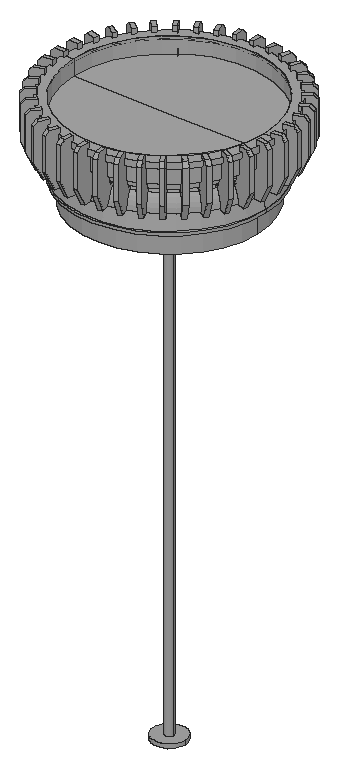
Revit family "KSL_Kemlux-Pendant", category Lighting Fixtures, host Face, Revit 2013
Parameters (values of type "KSL-24L-X-5K-5M")
  Wattage Comments = "57 Watts"
  Wattage = 57 W
  Watt = 57 W
  built-in parameter 1150110 = 1 (stored number, unit not read)
  Voltage = 277 V
  URL = "http://www.hubbellindustrial.com/"
  built-in parameter 1114217 = 1 (stored number, unit not read)
  Tilt Angle = -90.00°
  built-in parameter 1150109 = 1 (stored number, unit not read)
  built-in parameter 1150134 = 2
  built-in parameter 1150113 = 1 (stored number, unit not read)
  Product Page URL = "http://www.hubbellindustrial.com/products/ksl"
  Product Documentation Link = "http://cdn.hubbellindustrial.com/content/products/specs/specs_files/hil_ksl_spec_sheet.pdf"
  Power Factor = 1
  Photometric Web Link = "http://www.hubbellindustrial.com/products/ksl"
  Photometric Web File = "KXL-24L-X-5K-5M.ies"
  Pendant Height [instance] = 3' - 0"
  Optics = "Type V Square"
  Mount = "Pendant Mount"  # constant formula
  Model = "KSL - Kemlux III LED Series"  # constant formula
  Material Finish = Powdercoat - Hubbell - Gray
  Manufacturer Phone = "864-678-1000"  # constant formula
  Manufacturer Fax = "866-898-0131"  # constant formula
  Manufacturer = "Hubbell Industrial Lighting"  # constant formula
  built-in parameter 1150105 = 476.27 (stored number, unit not read)
  Lumens = 5985 lm
  built-in parameter 1150115 = 1 (stored number, unit not read)
  Load Classification = Lighting
  built-in parameter 1150137 = (empty or 0)
  built-in parameter 1150139 = (empty or 0)
  built-in parameter 1150112 = 1 (stored number, unit not read)
  built-in parameter 1150114 = 1 (stored number, unit not read)
  Lamp = "24 High Performanc LEDs"
  built-in parameter 1150132 = (empty or 0)
  built-in parameter 1150102 = (empty or 0)
  built-in parameter 1150107 = 5000 (stored number, unit not read)
  built-in parameter 1150138 = (empty or 0)
  built-in parameter 1150106 = 4.7627 (stored number, unit not read)
  Glass = Hubbell - White Glass
  Emit from Circle Diameter = 0' - 11"
  Emit Shape Visible in Rendering = no
  built-in parameter 1150104 = 9.7548 (stored number, unit not read)
  Dimming Lamp Color Temperature Shift = <None>
  Description = "Enclosed and gasketed LED fixture series"  # constant formula
  Default Elevation = 4' - 0"
  Color Filter = 16777215
  built-in parameter 1114218 = 1 (stored number, unit not read)
  built-in parameter 1150133 = 10 (stored number, unit not read)
  Apparent Load = Watt / Power Factor  # 57 VA
Reference planes (in)
  plane 1 "Center (Front/Back)": y = 0
  plane 2: z = 0
  plane 3 "Center (Left/Right)": x = 0
  plane 4: z = 0.25
  plane 5: z = 30
  plane 6: z = 36
  plane 7: z = 31.31
Forms (in)
  Extrusion 1, solid, material "Powdercoat - Hubbell - Gray" <- "Material Finish"
    sketch origin (0, 0, 0) x (1, 0, 0) y (0, 1, 0)
      loop
        circle (0, 0) r 1
    from 0 to 0.25
  Extrusion 2, solid, material "Powdercoat - Hubbell - Gray" <- "Material Finish"
    sketch origin (0, 0, 0) x (1, 0, 0) y (0, 1, 0)
      loop
        circle (0, 0) r 0.25
    from 30 to 0.25
  Extrusion 3, solid, material "Powdercoat - Hubbell - Gray" <- "Material Finish"
    sketch origin (0, 0, 0) x (1, 0, 0) y (0, 1, 0)
      loop
        circle (0, 0) r 5.5
    from 31.31 to 30
Lines and regions (in)
  reference lines
    curve 1: line (-5.55547, 0, 5.53932) -> (10.19453, 0, 5.53932)
    curve 2: line (7.29478, 0, 7.53677) -> (-0.62911, 0, -2.76915)
Dimensions and locks (in)
  locked: plane 4 to plane 2 at 0.25
  locked: plane 6 to plane 5 at 6
  locked: plane 7 to plane 5 at 1.31
  "Pendant Height": plane 6 to plane 2
  radius of Extrusion 3 sketch curve = 0' - 5 1/2"
  aligned and locked: plane 2 to host face
  aligned and locked: level to host face
  aligned and locked: plane 3 "Center (Left/Right)" to imposter light
  aligned and locked: imposter light to plane 1 "Center (Front/Back)"
  aligned and locked: plane 4 to Extrusion 1
  aligned and locked: Extrusion 1 to plane 2
  aligned and locked: plane 5 to Extrusion 2
  aligned and locked: Extrusion 2 to Extrusion 1
  aligned and locked: plane 7 to Extrusion 3
  aligned and locked: Extrusion 3 to plane 5
  aligned and locked: plane 3 "Center (Left/Right)" to nested 1
  aligned and locked: plane 1 "Center (Front/Back)" to nested 1
  aligned and locked: imposter light to plane 6
Automatic sketch dimensions
  host sketch curve to host sketch curve = 8' - 0"  (x2)
  curve 1 to plane 3 "Center (Left/Right)" = 0' - 5.55547"
  curve 2 to plane 3 "Center (Left/Right)" = 0' - 0.62911"
  plane 3 "Center (Left/Right)" to curve 2 = 0' - 7.29478"
  curve 2 to curve 1 = 0' - 2.89976"
  curve 2 to level = 0' - 2.76915"
  plane 4 to curve 1 = 0' - 5.28932"
  curve 1 to curve 2 = 0' - 1.99745"
  plane 1 "Center (Front/Back)" to Extrusion 1 sketch curve = 0' - 0"
  Extrusion 1 sketch curve to plane 3 "Center (Left/Right)" = 0' - 0"
  plane 1 "Center (Front/Back)" to Extrusion 2 sketch curve = 0' - 0"
  Extrusion 2 sketch curve to plane 3 "Center (Left/Right)" = 0' - 0"
  plane 1 "Center (Front/Back)" to Extrusion 3 sketch curve = 0' - 0"
  Extrusion 3 sketch curve to plane 3 "Center (Left/Right)" = 0' - 0"
  radius of Extrusion 1 sketch curve = 0' - 1"
  radius of Extrusion 2 sketch curve = 0' - 0 1/4"
Nested families (in)
  nested 1: "KSL" at (0, 0, 31.31), type "KSL"
Connectors (in)
  electrical at (0, 0, 0), driven by "Load Classification", driven by "Voltage", driven by "Apparent Load", driven by "Power Factor"
    settings: on Extrusion 1, index 1, voltage 277 V, apparent load 57 VA, apparent load phase1 0 VA, apparent load phase2 0 VA, apparent load phase3 0 VA, power factor 1, load classification "Lighting", number of poles 1, system type 30, power factor state 1, is connector primary yes, connector utility no, sub classification motor no, connector description "Lighting Connector"
Definition of nested family "KSL"
  Parameters (values of type "KHL")
    Wattage Comments = ""
    URL = ""
    Model = ""
    Material Finish = none
    Manufacturer = ""
    Lamp = ""
    IES FILE LINK = ""
    Glass = none
    Description = ""
    Default Elevation = 4' - 0"
    Apparent Load = 0 VA
  Reference planes (in)
    plane 1 "Center (Front/Back)": y = 0
    plane 2: z = 0
    plane 3 "Center (Left/Right)": x = 0
    plane 4: x = -7.25
    plane 5: x = 7.25
    plane 6: x = -5.5
    plane 7: x = 5.5
  Forms (in)
    Extrusion 1, solid
      sketch origin (0, 0, 0) x (1, 0, 0) y (0, 1, 0)
        loop
          line (-48, 48) -> (-48, -48) -> (48, -48) -> (48, 48) -> (-48, 48)
      from 0 to -12
    Revolve 2, solid, material <- "Material Finish"
      sketch origin (0, 0, -1.3125) x (1, 0, 0) y (0, 0, 1)
        loop
          line (5.73742, 2.6875) -> (6.24933, 2.6875)
          arc (6.24933, 2.6875) -> (6.15662, 3.19814) -> (5.89032, 3.6436) r 1.45262
          line (5.89032, 3.6436) -> (5.5, 3.6436) -> (5.5, 4.37254) -> (6.34375, 4.37254) -> (6.34375, 5.37007) -> (6.59375, 5.37007) -> (6.59375, 5.71977) -> (5.95302, 5.71977) -> (5.95302, 4.75) -> (0, 4.75) -> (0, 1.3125) -> (6, 1.3125) -> (6, 1.47979) -> (5.5, 1.47979) -> (5.5, 1.5625) -> (5.99031, 1.5625) -> (5.73742, 2.6875)
        axis (0, 5.71977) -> (0, 1.3125)
      angle from 0 to 360
    Extrusion 3, solid, material <- "Glass"
      sketch origin (0, 0, -1.3125) x (1, 0, 0) y (0, 1, 0)
        loop
          circle (0, 0) r 5.95302
      from 5.71977 to 5.56262
    Extrusion 4, solid, material <- "Material Finish"
      sketch origin (0, 0, -1.3125) x (1, 0, 0) y (0, 0, 1)
        loop
          line (6.42821, 6) -> (6.42821, 5.66655) -> (6.045, 3.7335) -> (5.75, 3.7335) -> (5.75, 3.06247) -> (6.1875, 3.06247) -> (6.31956, 2.66852) -> (6.75, 2.66852) -> (7.25, 3.69367) -> (7.25, 5.75) -> (7, 6) -> (6.42821, 6)
      from 0.125 to -0.125
    Extrusion 5, solid, material <- "Material Finish"
      sketch origin (0, 0, -1.3125) x (0.987688, -0.156434, 0) y (0, 0, 1)
        loop
          line (6.42821, 6) -> (6.42821, 5.66655) -> (6.045, 3.7335) -> (5.75, 3.7335) -> (5.75, 3.06247) -> (6.1875, 3.06247) -> (6.31956, 2.66852) -> (6.75, 2.66852) -> (7.25, 3.69367) -> (7.25, 5.75) -> (7, 6) -> (6.42821, 6)
      from 0.125 to -0.125
    Extrusion 6, solid, material <- "Material Finish"
      sketch origin (0, 0, -1.3125) x (0.951057, -0.309017, 0) y (0, 0, 1)
        loop
          line (6.42821, 6) -> (6.42821, 5.66655) -> (6.045, 3.7335) -> (5.75, 3.7335) -> (5.75, 3.06247) -> (6.1875, 3.06247) -> (6.31956, 2.66852) -> (6.75, 2.66852) -> (7.25, 3.69367) -> (7.25, 5.75) -> (7, 6) -> (6.42821, 6)
      from 0.125 to -0.125
    Extrusion 7, solid, material <- "Material Finish"
      sketch origin (0, 0, -1.3125) x (0.891007, -0.45399, 0) y (0, 0, 1)
        loop
          line (6.42821, 6) -> (6.42821, 5.66655) -> (6.045, 3.7335) -> (5.75, 3.7335) -> (5.75, 3.06247) -> (6.1875, 3.06247) -> (6.31956, 2.66852) -> (6.75, 2.66852) -> (7.25, 3.69367) -> (7.25, 5.75) -> (7, 6) -> (6.42821, 6)
      from 0.125 to -0.125
    Extrusion 8, solid, material <- "Material Finish"
      sketch origin (0, 0, -1.3125) x (0.809017, -0.587785, 0) y (0, 0, 1)
        loop
          line (6.42821, 6) -> (6.42821, 5.66655) -> (6.045, 3.7335) -> (5.75, 3.7335) -> (5.75, 3.06247) -> (6.1875, 3.06247) -> (6.31956, 2.66852) -> (6.75, 2.66852) -> (7.25, 3.69367) -> (7.25, 5.75) -> (7, 6) -> (6.42821, 6)
      from 0.125 to -0.125
    Extrusion 9, solid, material <- "Material Finish"
      sketch origin (0, 0, -1.3125) x (0.707107, -0.707107, 0) y (0, 0, 1)
        loop
          line (6.42821, 6) -> (6.42821, 5.66655) -> (6.045, 3.7335) -> (5.75, 3.7335) -> (5.75, 3.06247) -> (6.1875, 3.06247) -> (6.31956, 2.66852) -> (6.75, 2.66852) -> (7.25, 3.69367) -> (7.25, 5.75) -> (7, 6) -> (6.42821, 6)
      from 0.125 to -0.125
    Extrusion 10, solid, material <- "Material Finish"
      sketch origin (0, 0, -1.3125) x (0.587785, -0.809017, 0) y (0, 0, 1)
        loop
          line (6.42821, 6) -> (6.42821, 5.66655) -> (6.045, 3.7335) -> (5.75, 3.7335) -> (5.75, 3.06247) -> (6.1875, 3.06247) -> (6.31956, 2.66852) -> (6.75, 2.66852) -> (7.25, 3.69367) -> (7.25, 5.75) -> (7, 6) -> (6.42821, 6)
      from 0.125 to -0.125
    Extrusion 11, solid, material <- "Material Finish"
      sketch origin (0, 0, -1.3125) x (0.45399, -0.891007, 0) y (0, 0, 1)
        loop
          line (6.42821, 6) -> (6.42821, 5.66655) -> (6.045, 3.7335) -> (5.75, 3.7335) -> (5.75, 3.06247) -> (6.1875, 3.06247) -> (6.31956, 2.66852) -> (6.75, 2.66852) -> (7.25, 3.69367) -> (7.25, 5.75) -> (7, 6) -> (6.42821, 6)
      from 0.125 to -0.125
    Extrusion 12, solid, material <- "Material Finish"
      sketch origin (0, 0, -1.3125) x (0.309017, -0.951057, 0) y (0, 0, 1)
        loop
          line (6.42821, 6) -> (6.42821, 5.66655) -> (6.045, 3.7335) -> (5.75, 3.7335) -> (5.75, 3.06247) -> (6.1875, 3.06247) -> (6.31956, 2.66852) -> (6.75, 2.66852) -> (7.25, 3.69367) -> (7.25, 5.75) -> (7, 6) -> (6.42821, 6)
      from 0.125 to -0.125
    Extrusion 13, solid, material <- "Material Finish"
      sketch origin (0, 0, -1.3125) x (0.156434, -0.987688, 0) y (0, 0, 1)
        loop
          line (6.42821, 6) -> (6.42821, 5.66655) -> (6.045, 3.7335) -> (5.75, 3.7335) -> (5.75, 3.06247) -> (6.1875, 3.06247) -> (6.31956, 2.66852) -> (6.75, 2.66852) -> (7.25, 3.69367) -> (7.25, 5.75) -> (7, 6) -> (6.42821, 6)
      from 0.125 to -0.125
    Extrusion 14, solid, material <- "Material Finish"
      sketch origin (0, 0, -1.3125) x (0, -1, 0) y (0, 0, 1)
        loop
          line (6.42821, 6) -> (6.42821, 5.66655) -> (6.045, 3.7335) -> (5.75, 3.7335) -> (5.75, 3.06247) -> (6.1875, 3.06247) -> (6.31956, 2.66852) -> (6.75, 2.66852) -> (7.25, 3.69367) -> (7.25, 5.75) -> (7, 6) -> (6.42821, 6)
      from 0.125 to -0.125
    Extrusion 15, solid, material <- "Material Finish"
      sketch origin (0, 0, -1.3125) x (-0.156434, -0.987688, 0) y (0, 0, 1)
        loop
          line (6.42821, 6) -> (6.42821, 5.66655) -> (6.045, 3.7335) -> (5.75, 3.7335) -> (5.75, 3.06247) -> (6.1875, 3.06247) -> (6.31956, 2.66852) -> (6.75, 2.66852) -> (7.25, 3.69367) -> (7.25, 5.75) -> (7, 6) -> (6.42821, 6)
      from 0.125 to -0.125
    Extrusion 16, solid, material <- "Material Finish"
      sketch origin (0, 0, -1.3125) x (-0.309017, -0.951057, 0) y (0, 0, 1)
        loop
          line (6.42821, 6) -> (6.42821, 5.66655) -> (6.045, 3.7335) -> (5.75, 3.7335) -> (5.75, 3.06247) -> (6.1875, 3.06247) -> (6.31956, 2.66852) -> (6.75, 2.66852) -> (7.25, 3.69367) -> (7.25, 5.75) -> (7, 6) -> (6.42821, 6)
      from 0.125 to -0.125
    Extrusion 17, solid, material <- "Material Finish"
      sketch origin (0, 0, -1.3125) x (-0.45399, -0.891007, 0) y (0, 0, 1)
        loop
          line (6.42821, 6) -> (6.42821, 5.66655) -> (6.045, 3.7335) -> (5.75, 3.7335) -> (5.75, 3.06247) -> (6.1875, 3.06247) -> (6.31956, 2.66852) -> (6.75, 2.66852) -> (7.25, 3.69367) -> (7.25, 5.75) -> (7, 6) -> (6.42821, 6)
      from 0.125 to -0.125
    Extrusion 18, solid, material <- "Material Finish"
      sketch origin (0, 0, -1.3125) x (-0.587785, -0.809017, 0) y (0, 0, 1)
        loop
          line (6.42821, 6) -> (6.42821, 5.66655) -> (6.045, 3.7335) -> (5.75, 3.7335) -> (5.75, 3.06247) -> (6.1875, 3.06247) -> (6.31956, 2.66852) -> (6.75, 2.66852) -> (7.25, 3.69367) -> (7.25, 5.75) -> (7, 6) -> (6.42821, 6)
      from 0.125 to -0.125
    Extrusion 19, solid, material <- "Material Finish"
      sketch origin (0, 0, -1.3125) x (-0.707107, -0.707107, 0) y (0, 0, 1)
        loop
          line (6.42821, 6) -> (6.42821, 5.66655) -> (6.045, 3.7335) -> (5.75, 3.7335) -> (5.75, 3.06247) -> (6.1875, 3.06247) -> (6.31956, 2.66852) -> (6.75, 2.66852) -> (7.25, 3.69367) -> (7.25, 5.75) -> (7, 6) -> (6.42821, 6)
      from 0.125 to -0.125
    Extrusion 20, solid, material <- "Material Finish"
      sketch origin (0, 0, -1.3125) x (-0.809017, -0.587785, 0) y (0, 0, 1)
        loop
          line (6.42821, 6) -> (6.42821, 5.66655) -> (6.045, 3.7335) -> (5.75, 3.7335) -> (5.75, 3.06247) -> (6.1875, 3.06247) -> (6.31956, 2.66852) -> (6.75, 2.66852) -> (7.25, 3.69367) -> (7.25, 5.75) -> (7, 6) -> (6.42821, 6)
      from 0.125 to -0.125
    Extrusion 21, solid, material <- "Material Finish"
      sketch origin (0, 0, -1.3125) x (-0.891007, -0.45399, 0) y (0, 0, 1)
        loop
          line (6.42821, 6) -> (6.42821, 5.66655) -> (6.045, 3.7335) -> (5.75, 3.7335) -> (5.75, 3.06247) -> (6.1875, 3.06247) -> (6.31956, 2.66852) -> (6.75, 2.66852) -> (7.25, 3.69367) -> (7.25, 5.75) -> (7, 6) -> (6.42821, 6)
      from 0.125 to -0.125
    Extrusion 22, solid, material <- "Material Finish"
      sketch origin (0, 0, -1.3125) x (-0.951057, -0.309017, 0) y (0, 0, 1)
        loop
          line (6.42821, 6) -> (6.42821, 5.66655) -> (6.045, 3.7335) -> (5.75, 3.7335) -> (5.75, 3.06247) -> (6.1875, 3.06247) -> (6.31956, 2.66852) -> (6.75, 2.66852) -> (7.25, 3.69367) -> (7.25, 5.75) -> (7, 6) -> (6.42821, 6)
      from 0.125 to -0.125
    Extrusion 23, solid, material <- "Material Finish"
      sketch origin (0, 0, -1.3125) x (-0.987688, -0.156434, 0) y (0, 0, 1)
        loop
          line (6.42821, 6) -> (6.42821, 5.66655) -> (6.045, 3.7335) -> (5.75, 3.7335) -> (5.75, 3.06247) -> (6.1875, 3.06247) -> (6.31956, 2.66852) -> (6.75, 2.66852) -> (7.25, 3.69367) -> (7.25, 5.75) -> (7, 6) -> (6.42821, 6)
      from 0.125 to -0.125
    Extrusion 24, solid, material <- "Material Finish"
      sketch origin (0, 0, -1.3125) x (-1, 0, 0) y (0, 0, 1)
        loop
          line (6.42821, 6) -> (6.42821, 5.66655) -> (6.045, 3.7335) -> (5.75, 3.7335) -> (5.75, 3.06247) -> (6.1875, 3.06247) -> (6.31956, 2.66852) -> (6.75, 2.66852) -> (7.25, 3.69367) -> (7.25, 5.75) -> (7, 6) -> (6.42821, 6)
      from 0.125 to -0.125
    Extrusion 25, solid, material <- "Material Finish"
      sketch origin (0, 0, -1.3125) x (-0.987688, 0.156434, 0) y (0, 0, 1)
        loop
          line (6.42821, 6) -> (6.42821, 5.66655) -> (6.045, 3.7335) -> (5.75, 3.7335) -> (5.75, 3.06247) -> (6.1875, 3.06247) -> (6.31956, 2.66852) -> (6.75, 2.66852) -> (7.25, 3.69367) -> (7.25, 5.75) -> (7, 6) -> (6.42821, 6)
      from 0.125 to -0.125
    Extrusion 26, solid, material <- "Material Finish"
      sketch origin (0, 0, -1.3125) x (-0.951057, 0.309017, 0) y (0, 0, 1)
        loop
          line (6.42821, 6) -> (6.42821, 5.66655) -> (6.045, 3.7335) -> (5.75, 3.7335) -> (5.75, 3.06247) -> (6.1875, 3.06247) -> (6.31956, 2.66852) -> (6.75, 2.66852) -> (7.25, 3.69367) -> (7.25, 5.75) -> (7, 6) -> (6.42821, 6)
      from 0.125 to -0.125
    Extrusion 27, solid, material <- "Material Finish"
      sketch origin (0, 0, -1.3125) x (-0.891007, 0.45399, 0) y (0, 0, 1)
        loop
          line (6.42821, 6) -> (6.42821, 5.66655) -> (6.045, 3.7335) -> (5.75, 3.7335) -> (5.75, 3.06247) -> (6.1875, 3.06247) -> (6.31956, 2.66852) -> (6.75, 2.66852) -> (7.25, 3.69367) -> (7.25, 5.75) -> (7, 6) -> (6.42821, 6)
      from 0.125 to -0.125
    Extrusion 28, solid, material <- "Material Finish"
      sketch origin (0, 0, -1.3125) x (-0.809017, 0.587785, 0) y (0, 0, 1)
        loop
          line (6.42821, 6) -> (6.42821, 5.66655) -> (6.045, 3.7335) -> (5.75, 3.7335) -> (5.75, 3.06247) -> (6.1875, 3.06247) -> (6.31956, 2.66852) -> (6.75, 2.66852) -> (7.25, 3.69367) -> (7.25, 5.75) -> (7, 6) -> (6.42821, 6)
      from 0.125 to -0.125
    Extrusion 29, solid, material <- "Material Finish"
      sketch origin (0, 0, -1.3125) x (-0.707107, 0.707107, 0) y (0, 0, 1)
        loop
          line (6.42821, 6) -> (6.42821, 5.66655) -> (6.045, 3.7335) -> (5.75, 3.7335) -> (5.75, 3.06247) -> (6.1875, 3.06247) -> (6.31956, 2.66852) -> (6.75, 2.66852) -> (7.25, 3.69367) -> (7.25, 5.75) -> (7, 6) -> (6.42821, 6)
      from 0.125 to -0.125
    Extrusion 30, solid, material <- "Material Finish"
      sketch origin (0, 0, -1.3125) x (-0.587785, 0.809017, 0) y (0, 0, 1)
        loop
          line (6.42821, 6) -> (6.42821, 5.66655) -> (6.045, 3.7335) -> (5.75, 3.7335) -> (5.75, 3.06247) -> (6.1875, 3.06247) -> (6.31956, 2.66852) -> (6.75, 2.66852) -> (7.25, 3.69367) -> (7.25, 5.75) -> (7, 6) -> (6.42821, 6)
      from 0.125 to -0.125
    Extrusion 31, solid, material <- "Material Finish"
      sketch origin (0, 0, -1.3125) x (-0.45399, 0.891007, 0) y (0, 0, 1)
        loop
          line (6.42821, 6) -> (6.42821, 5.66655) -> (6.045, 3.7335) -> (5.75, 3.7335) -> (5.75, 3.06247) -> (6.1875, 3.06247) -> (6.31956, 2.66852) -> (6.75, 2.66852) -> (7.25, 3.69367) -> (7.25, 5.75) -> (7, 6) -> (6.42821, 6)
      from 0.125 to -0.125
    Extrusion 32, solid, material <- "Material Finish"
      sketch origin (0, 0, -1.3125) x (-0.309017, 0.951057, 0) y (0, 0, 1)
        loop
          line (6.42821, 6) -> (6.42821, 5.66655) -> (6.045, 3.7335) -> (5.75, 3.7335) -> (5.75, 3.06247) -> (6.1875, 3.06247) -> (6.31956, 2.66852) -> (6.75, 2.66852) -> (7.25, 3.69367) -> (7.25, 5.75) -> (7, 6) -> (6.42821, 6)
      from 0.125 to -0.125
    Extrusion 33, solid, material <- "Material Finish"
      sketch origin (0, 0, -1.3125) x (-0.156434, 0.987688, 0) y (0, 0, 1)
        loop
          line (6.42821, 6) -> (6.42821, 5.66655) -> (6.045, 3.7335) -> (5.75, 3.7335) -> (5.75, 3.06247) -> (6.1875, 3.06247) -> (6.31956, 2.66852) -> (6.75, 2.66852) -> (7.25, 3.69367) -> (7.25, 5.75) -> (7, 6) -> (6.42821, 6)
      from 0.125 to -0.125
    Extrusion 34, solid, material <- "Material Finish"
      sketch origin (0, 0, -1.3125) x (0, 1, 0) y (0, 0, 1)
        loop
          line (6.42821, 6) -> (6.42821, 5.66655) -> (6.045, 3.7335) -> (5.75, 3.7335) -> (5.75, 3.06247) -> (6.1875, 3.06247) -> (6.31956, 2.66852) -> (6.75, 2.66852) -> (7.25, 3.69367) -> (7.25, 5.75) -> (7, 6) -> (6.42821, 6)
      from 0.125 to -0.125
    Extrusion 35, solid, material <- "Material Finish"
      sketch origin (0, 0, -1.3125) x (0.156434, 0.987688, 0) y (0, 0, 1)
        loop
          line (6.42821, 6) -> (6.42821, 5.66655) -> (6.045, 3.7335) -> (5.75, 3.7335) -> (5.75, 3.06247) -> (6.1875, 3.06247) -> (6.31956, 2.66852) -> (6.75, 2.66852) -> (7.25, 3.69367) -> (7.25, 5.75) -> (7, 6) -> (6.42821, 6)
      from 0.125 to -0.125
    Extrusion 36, solid, material <- "Material Finish"
      sketch origin (0, 0, -1.3125) x (0.309017, 0.951057, 0) y (0, 0, 1)
        loop
          line (6.42821, 6) -> (6.42821, 5.66655) -> (6.045, 3.7335) -> (5.75, 3.7335) -> (5.75, 3.06247) -> (6.1875, 3.06247) -> (6.31956, 2.66852) -> (6.75, 2.66852) -> (7.25, 3.69367) -> (7.25, 5.75) -> (7, 6) -> (6.42821, 6)
      from 0.125 to -0.125
    Extrusion 37, solid, material <- "Material Finish"
      sketch origin (0, 0, -1.3125) x (0.45399, 0.891007, 0) y (0, 0, 1)
        loop
          line (6.42821, 6) -> (6.42821, 5.66655) -> (6.045, 3.7335) -> (5.75, 3.7335) -> (5.75, 3.06247) -> (6.1875, 3.06247) -> (6.31956, 2.66852) -> (6.75, 2.66852) -> (7.25, 3.69367) -> (7.25, 5.75) -> (7, 6) -> (6.42821, 6)
      from 0.125 to -0.125
    Extrusion 38, solid, material <- "Material Finish"
      sketch origin (0, 0, -1.3125) x (0.587785, 0.809017, 0) y (0, 0, 1)
        loop
          line (6.42821, 6) -> (6.42821, 5.66655) -> (6.045, 3.7335) -> (5.75, 3.7335) -> (5.75, 3.06247) -> (6.1875, 3.06247) -> (6.31956, 2.66852) -> (6.75, 2.66852) -> (7.25, 3.69367) -> (7.25, 5.75) -> (7, 6) -> (6.42821, 6)
      from 0.125 to -0.125
    Extrusion 39, solid, material <- "Material Finish"
      sketch origin (0, 0, -1.3125) x (0.707107, 0.707107, 0) y (0, 0, 1)
        loop
          line (6.42821, 6) -> (6.42821, 5.66655) -> (6.045, 3.7335) -> (5.75, 3.7335) -> (5.75, 3.06247) -> (6.1875, 3.06247) -> (6.31956, 2.66852) -> (6.75, 2.66852) -> (7.25, 3.69367) -> (7.25, 5.75) -> (7, 6) -> (6.42821, 6)
      from 0.125 to -0.125
    Extrusion 40, solid, material <- "Material Finish"
      sketch origin (0, 0, -1.3125) x (0.809017, 0.587785, 0) y (0, 0, 1)
        loop
          line (6.42821, 6) -> (6.42821, 5.66655) -> (6.045, 3.7335) -> (5.75, 3.7335) -> (5.75, 3.06247) -> (6.1875, 3.06247) -> (6.31956, 2.66852) -> (6.75, 2.66852) -> (7.25, 3.69367) -> (7.25, 5.75) -> (7, 6) -> (6.42821, 6)
      from 0.125 to -0.125
    Extrusion 41, solid, material <- "Material Finish"
      sketch origin (0, 0, -1.3125) x (0.891007, 0.45399, 0) y (0, 0, 1)
        loop
          line (6.42821, 6) -> (6.42821, 5.66655) -> (6.045, 3.7335) -> (5.75, 3.7335) -> (5.75, 3.06247) -> (6.1875, 3.06247) -> (6.31956, 2.66852) -> (6.75, 2.66852) -> (7.25, 3.69367) -> (7.25, 5.75) -> (7, 6) -> (6.42821, 6)
      from 0.125 to -0.125
    Extrusion 42, solid, material <- "Material Finish"
      sketch origin (0, 0, -1.3125) x (0.951057, 0.309017, 0) y (0, 0, 1)
        loop
          line (6.42821, 6) -> (6.42821, 5.66655) -> (6.045, 3.7335) -> (5.75, 3.7335) -> (5.75, 3.06247) -> (6.1875, 3.06247) -> (6.31956, 2.66852) -> (6.75, 2.66852) -> (7.25, 3.69367) -> (7.25, 5.75) -> (7, 6) -> (6.42821, 6)
      from 0.125 to -0.125
    Extrusion 43, solid, material <- "Material Finish"
      sketch origin (0, 0, -1.3125) x (0.987688, 0.156434, 0) y (0, 0, 1)
        loop
          line (6.42821, 6) -> (6.42821, 5.66655) -> (6.045, 3.7335) -> (5.75, 3.7335) -> (5.75, 3.06247) -> (6.1875, 3.06247) -> (6.31956, 2.66852) -> (6.75, 2.66852) -> (7.25, 3.69367) -> (7.25, 5.75) -> (7, 6) -> (6.42821, 6)
      from 0.125 to -0.125
  Lines and regions (in)
    reference lines
      curve 1: line (5.95302, 0, 4.75) -> (0, 0, 4.75)
      curve 2: line (5.95302, 0, 5.92266) -> (5.95302, 0, 4.75)
      curve 3: line (6.59375, 0, 5.37007) -> (6.59375, 0, 5.92266)
      curve 4: line (6.34375, 0, 5.37007) -> (6.59375, 0, 5.37007)
      curve 5: line (6.34375, 0, 4.37254) -> (5.5, 0, 4.37254)
      curve 6: line (6.34375, 0, 4.37254) -> (6.34375, 0, 5.37007)
      curve 7: arc (6.25, 0, 2.75) -> (6.14885, 0, 3.28681) -> (5.85927, 0, 3.75) r 1.47501
      curve 8: line (5.85927, 0, 2.75) -> (6.25, 0, 2.75)
      curve 9: line (5.85927, 0, 2.75) -> (5.85927, 0, 1.75)
      curve 10: line (5.85927, 0, 1.75) -> (4.74529, 0, 1.75)
      curve 11: line (5.85927, 0, 3.75) -> (4.8978, 0, 3.75)
      curve 12: line (5.10824, 0, 5.71977) -> (6.99125, 0, 5.71977)
  Dimensions and locks (in)
    equal spacing: plane 5, plane 3 "Center (Left/Right)", plane 4
    locked: plane 5 to plane 4 at 14.5
    equal spacing: plane 7, plane 3 "Center (Left/Right)", plane 6, locked at 5.5 each
    aligned and locked: plane 2 to Extrusion 1
    aligned and locked: level to Extrusion 1
    aligned and locked: Extrusion 3 sketch curve to Revolve 2
  Automatic sketch dimensions
    Extrusion 4 sketch curve to Extrusion 4 sketch curve = 0' - 0 7/16"
    Extrusion 4 sketch curve to Extrusion 4 sketch curve = 0' - 0.13206"
    Extrusion 4 sketch curve to Extrusion 4 sketch curve = 0' - 0.295"
    Extrusion 4 sketch curve to Extrusion 4 sketch curve = 0' - 0.38321"
    Extrusion 4 sketch curve to Extrusion 4 sketch curve = 0' - 0.43044"
    Extrusion 4 sketch curve to Extrusion 4 sketch curve = 0' - 0.57179"
    Extrusion 4 sketch curve to Extrusion 4 sketch curve = 0' - 0 1/4"  (x2)
    Extrusion 4 sketch curve to Extrusion 4 sketch curve = 0' - 0.39395"
    Extrusion 4 sketch curve to Extrusion 4 sketch curve = 0' - 1.02515"
    Extrusion 4 sketch curve to Extrusion 4 sketch curve = 0' - 0.67103"
    Extrusion 4 sketch curve to Extrusion 4 sketch curve = 0' - 1.93305"
    Extrusion 4 sketch curve to Extrusion 4 sketch curve = 0' - 0.08345"
    Extrusion 5 sketch curve to Extrusion 5 sketch curve = 0' - 0 7/16"
    Extrusion 5 sketch curve to Extrusion 5 sketch curve = 0' - 0.13206"
    Extrusion 5 sketch curve to Extrusion 5 sketch curve = 0' - 0.295"
    Extrusion 5 sketch curve to Extrusion 5 sketch curve = 0' - 0.38321"
    Extrusion 5 sketch curve to Extrusion 5 sketch curve = 0' - 0.43044"
    Extrusion 5 sketch curve to Extrusion 5 sketch curve = 0' - 0.57179"
    Extrusion 5 sketch curve to Extrusion 5 sketch curve = 0' - 0 1/4"  (x2)
    Extrusion 5 sketch curve to Extrusion 5 sketch curve = 0' - 0.39395"
    Extrusion 5 sketch curve to Extrusion 5 sketch curve = 0' - 1.02515"
    Extrusion 5 sketch curve to Extrusion 5 sketch curve = 0' - 0.67103"
    Extrusion 5 sketch curve to Extrusion 5 sketch curve = 0' - 1.93305"
    Extrusion 5 sketch curve to Extrusion 5 sketch curve = 0' - 0.08345"
    Extrusion 6 sketch curve to Extrusion 6 sketch curve = 0' - 0 7/16"
    Extrusion 6 sketch curve to Extrusion 6 sketch curve = 0' - 0.13206"
    Extrusion 6 sketch curve to Extrusion 6 sketch curve = 0' - 0.295"
    Extrusion 6 sketch curve to Extrusion 6 sketch curve = 0' - 0.38321"
    Extrusion 6 sketch curve to Extrusion 6 sketch curve = 0' - 0.43044"
    Extrusion 6 sketch curve to Extrusion 6 sketch curve = 0' - 0.57179"
    Extrusion 6 sketch curve to Extrusion 6 sketch curve = 0' - 0 1/4"  (x2)
    Extrusion 6 sketch curve to Extrusion 6 sketch curve = 0' - 0.39395"
    Extrusion 6 sketch curve to Extrusion 6 sketch curve = 0' - 1.02515"
    Extrusion 6 sketch curve to Extrusion 6 sketch curve = 0' - 0.67103"
    Extrusion 6 sketch curve to Extrusion 6 sketch curve = 0' - 1.93305"
    Extrusion 6 sketch curve to Extrusion 6 sketch curve = 0' - 0.08345"
    Extrusion 7 sketch curve to Extrusion 7 sketch curve = 0' - 0 7/16"
    Extrusion 7 sketch curve to Extrusion 7 sketch curve = 0' - 0.13206"
    Extrusion 7 sketch curve to Extrusion 7 sketch curve = 0' - 0.295"
    Extrusion 7 sketch curve to Extrusion 7 sketch curve = 0' - 0.38321"
    Extrusion 7 sketch curve to Extrusion 7 sketch curve = 0' - 0.43044"
    Extrusion 7 sketch curve to Extrusion 7 sketch curve = 0' - 0.57179"
    Extrusion 7 sketch curve to Extrusion 7 sketch curve = 0' - 0 1/4"  (x2)
    Extrusion 7 sketch curve to Extrusion 7 sketch curve = 0' - 0.39395"
    Extrusion 7 sketch curve to Extrusion 7 sketch curve = 0' - 1.02515"
    Extrusion 7 sketch curve to Extrusion 7 sketch curve = 0' - 0.67103"
    Extrusion 7 sketch curve to Extrusion 7 sketch curve = 0' - 1.93305"
    Extrusion 7 sketch curve to Extrusion 7 sketch curve = 0' - 0.08345"
    Extrusion 8 sketch curve to Extrusion 8 sketch curve = 0' - 0 7/16"
    Extrusion 8 sketch curve to Extrusion 8 sketch curve = 0' - 0.13206"
    Extrusion 8 sketch curve to Extrusion 8 sketch curve = 0' - 0.295"
    Extrusion 8 sketch curve to Extrusion 8 sketch curve = 0' - 0.38321"
    Extrusion 8 sketch curve to Extrusion 8 sketch curve = 0' - 0.43044"
    Extrusion 8 sketch curve to Extrusion 8 sketch curve = 0' - 0.57179"
    Extrusion 8 sketch curve to Extrusion 8 sketch curve = 0' - 0 1/4"  (x2)
    Extrusion 8 sketch curve to Extrusion 8 sketch curve = 0' - 0.39395"
    Extrusion 8 sketch curve to Extrusion 8 sketch curve = 0' - 1.02515"
    Extrusion 8 sketch curve to Extrusion 8 sketch curve = 0' - 0.67103"
    Extrusion 8 sketch curve to Extrusion 8 sketch curve = 0' - 1.93305"
    Extrusion 8 sketch curve to Extrusion 8 sketch curve = 0' - 0.08345"
    Extrusion 9 sketch curve to Extrusion 9 sketch curve = 0' - 0 7/16"
    Extrusion 9 sketch curve to Extrusion 9 sketch curve = 0' - 0.13206"
    Extrusion 9 sketch curve to Extrusion 9 sketch curve = 0' - 0.295"
    Extrusion 9 sketch curve to Extrusion 9 sketch curve = 0' - 0.38321"
    Extrusion 9 sketch curve to Extrusion 9 sketch curve = 0' - 0.43044"
    Extrusion 9 sketch curve to Extrusion 9 sketch curve = 0' - 0.57179"
    Extrusion 9 sketch curve to Extrusion 9 sketch curve = 0' - 0 1/4"  (x2)
    Extrusion 9 sketch curve to Extrusion 9 sketch curve = 0' - 0.39395"
    Extrusion 9 sketch curve to Extrusion 9 sketch curve = 0' - 1.02515"
    Extrusion 9 sketch curve to Extrusion 9 sketch curve = 0' - 0.67103"
    Extrusion 9 sketch curve to Extrusion 9 sketch curve = 0' - 1.93305"
    Extrusion 9 sketch curve to Extrusion 9 sketch curve = 0' - 0.08345"
    Extrusion 10 sketch curve to Extrusion 10 sketch curve = 0' - 0 7/16"
    Extrusion 10 sketch curve to Extrusion 10 sketch curve = 0' - 0.13206"
    Extrusion 10 sketch curve to Extrusion 10 sketch curve = 0' - 0.295"
    Extrusion 10 sketch curve to Extrusion 10 sketch curve = 0' - 0.38321"
    Extrusion 10 sketch curve to Extrusion 10 sketch curve = 0' - 0.43044"
    Extrusion 10 sketch curve to Extrusion 10 sketch curve = 0' - 0.57179"
    Extrusion 10 sketch curve to Extrusion 10 sketch curve = 0' - 0 1/4"  (x2)
    Extrusion 10 sketch curve to Extrusion 10 sketch curve = 0' - 0.39395"
    Extrusion 10 sketch curve to Extrusion 10 sketch curve = 0' - 1.02515"
    Extrusion 10 sketch curve to Extrusion 10 sketch curve = 0' - 0.67103"
    Extrusion 10 sketch curve to Extrusion 10 sketch curve = 0' - 1.93305"
    Extrusion 10 sketch curve to Extrusion 10 sketch curve = 0' - 0.08345"
    Extrusion 11 sketch curve to Extrusion 11 sketch curve = 0' - 0 7/16"
    Extrusion 11 sketch curve to Extrusion 11 sketch curve = 0' - 0.13206"
    Extrusion 11 sketch curve to Extrusion 11 sketch curve = 0' - 0.295"
    Extrusion 11 sketch curve to Extrusion 11 sketch curve = 0' - 0.38321"
    Extrusion 11 sketch curve to Extrusion 11 sketch curve = 0' - 0.43044"
    Extrusion 11 sketch curve to Extrusion 11 sketch curve = 0' - 0.57179"
    Extrusion 11 sketch curve to Extrusion 11 sketch curve = 0' - 0 1/4"  (x2)
    Extrusion 11 sketch curve to Extrusion 11 sketch curve = 0' - 0.39395"
    Extrusion 11 sketch curve to Extrusion 11 sketch curve = 0' - 1.02515"
    Extrusion 11 sketch curve to Extrusion 11 sketch curve = 0' - 0.67103"
    Extrusion 11 sketch curve to Extrusion 11 sketch curve = 0' - 1.93305"
    Extrusion 11 sketch curve to Extrusion 11 sketch curve = 0' - 0.08345"
    Extrusion 12 sketch curve to Extrusion 12 sketch curve = 0' - 0 7/16"
    Extrusion 12 sketch curve to Extrusion 12 sketch curve = 0' - 0.13206"
    Extrusion 12 sketch curve to Extrusion 12 sketch curve = 0' - 0.295"
    Extrusion 12 sketch curve to Extrusion 12 sketch curve = 0' - 0.38321"
    Extrusion 12 sketch curve to Extrusion 12 sketch curve = 0' - 0.43044"
    Extrusion 12 sketch curve to Extrusion 12 sketch curve = 0' - 0.57179"
    Extrusion 12 sketch curve to Extrusion 12 sketch curve = 0' - 0 1/4"  (x2)
    Extrusion 12 sketch curve to Extrusion 12 sketch curve = 0' - 0.39395"
    Extrusion 12 sketch curve to Extrusion 12 sketch curve = 0' - 1.02515"
    Extrusion 12 sketch curve to Extrusion 12 sketch curve = 0' - 0.67103"
    Extrusion 12 sketch curve to Extrusion 12 sketch curve = 0' - 1.93305"
    Extrusion 12 sketch curve to Extrusion 12 sketch curve = 0' - 0.08345"
    Extrusion 13 sketch curve to Extrusion 13 sketch curve = 0' - 0 7/16"
    Extrusion 13 sketch curve to Extrusion 13 sketch curve = 0' - 0.13206"
    Extrusion 13 sketch curve to Extrusion 13 sketch curve = 0' - 0.295"
    Extrusion 13 sketch curve to Extrusion 13 sketch curve = 0' - 0.38321"
    Extrusion 13 sketch curve to Extrusion 13 sketch curve = 0' - 0.43044"
    Extrusion 13 sketch curve to Extrusion 13 sketch curve = 0' - 0.57179"
    Extrusion 13 sketch curve to Extrusion 13 sketch curve = 0' - 0 1/4"  (x2)
    Extrusion 13 sketch curve to Extrusion 13 sketch curve = 0' - 0.39395"
    Extrusion 13 sketch curve to Extrusion 13 sketch curve = 0' - 1.02515"
    Extrusion 13 sketch curve to Extrusion 13 sketch curve = 0' - 0.67103"
    Extrusion 13 sketch curve to Extrusion 13 sketch curve = 0' - 1.93305"
    Extrusion 13 sketch curve to Extrusion 13 sketch curve = 0' - 0.08345"
    Extrusion 14 sketch curve to Extrusion 14 sketch curve = 0' - 0 7/16"
    Extrusion 14 sketch curve to Extrusion 14 sketch curve = 0' - 0.13206"
    Extrusion 14 sketch curve to Extrusion 14 sketch curve = 0' - 0.295"
    Extrusion 14 sketch curve to Extrusion 14 sketch curve = 0' - 0.38321"
    Extrusion 14 sketch curve to Extrusion 14 sketch curve = 0' - 0.43044"
    Extrusion 14 sketch curve to Extrusion 14 sketch curve = 0' - 0.57179"
    Extrusion 14 sketch curve to Extrusion 14 sketch curve = 0' - 0 1/4"  (x2)
    Extrusion 14 sketch curve to Extrusion 14 sketch curve = 0' - 0.39395"
    Extrusion 14 sketch curve to Extrusion 14 sketch curve = 0' - 1.02515"
    Extrusion 14 sketch curve to Extrusion 14 sketch curve = 0' - 0.67103"
    Extrusion 14 sketch curve to Extrusion 14 sketch curve = 0' - 1.93305"
    Extrusion 14 sketch curve to Extrusion 14 sketch curve = 0' - 0.08345"
    Extrusion 15 sketch curve to Extrusion 15 sketch curve = 0' - 0 7/16"
    Extrusion 15 sketch curve to Extrusion 15 sketch curve = 0' - 0.13206"
    Extrusion 15 sketch curve to Extrusion 15 sketch curve = 0' - 0.295"
    Extrusion 15 sketch curve to Extrusion 15 sketch curve = 0' - 0.38321"
    Extrusion 15 sketch curve to Extrusion 15 sketch curve = 0' - 0.43044"
    Extrusion 15 sketch curve to Extrusion 15 sketch curve = 0' - 0.57179"
    Extrusion 15 sketch curve to Extrusion 15 sketch curve = 0' - 0 1/4"  (x2)
    Extrusion 15 sketch curve to Extrusion 15 sketch curve = 0' - 0.39395"
    Extrusion 15 sketch curve to Extrusion 15 sketch curve = 0' - 1.02515"
    Extrusion 15 sketch curve to Extrusion 15 sketch curve = 0' - 0.67103"
    Extrusion 15 sketch curve to Extrusion 15 sketch curve = 0' - 1.93305"
    Extrusion 15 sketch curve to Extrusion 15 sketch curve = 0' - 0.08345"
    Extrusion 16 sketch curve to Extrusion 16 sketch curve = 0' - 0 7/16"
    Extrusion 16 sketch curve to Extrusion 16 sketch curve = 0' - 0.13206"
    Extrusion 16 sketch curve to Extrusion 16 sketch curve = 0' - 0.295"
    Extrusion 16 sketch curve to Extrusion 16 sketch curve = 0' - 0.38321"
    Extrusion 16 sketch curve to Extrusion 16 sketch curve = 0' - 0.43044"
    Extrusion 16 sketch curve to Extrusion 16 sketch curve = 0' - 0.57179"
    Extrusion 16 sketch curve to Extrusion 16 sketch curve = 0' - 0 1/4"  (x2)
    Extrusion 16 sketch curve to Extrusion 16 sketch curve = 0' - 0.39395"
    Extrusion 16 sketch curve to Extrusion 16 sketch curve = 0' - 1.02515"
    Extrusion 16 sketch curve to Extrusion 16 sketch curve = 0' - 0.67103"
    Extrusion 16 sketch curve to Extrusion 16 sketch curve = 0' - 1.93305"
    Extrusion 16 sketch curve to Extrusion 16 sketch curve = 0' - 0.08345"
    Extrusion 17 sketch curve to Extrusion 17 sketch curve = 0' - 0 7/16"
    Extrusion 17 sketch curve to Extrusion 17 sketch curve = 0' - 0.13206"
    Extrusion 17 sketch curve to Extrusion 17 sketch curve = 0' - 0.295"
    Extrusion 17 sketch curve to Extrusion 17 sketch curve = 0' - 0.38321"
    Extrusion 17 sketch curve to Extrusion 17 sketch curve = 0' - 0.43044"
    Extrusion 17 sketch curve to Extrusion 17 sketch curve = 0' - 0.57179"
    Extrusion 17 sketch curve to Extrusion 17 sketch curve = 0' - 0 1/4"  (x2)
    Extrusion 17 sketch curve to Extrusion 17 sketch curve = 0' - 0.39395"
    Extrusion 17 sketch curve to Extrusion 17 sketch curve = 0' - 1.02515"
    Extrusion 17 sketch curve to Extrusion 17 sketch curve = 0' - 0.67103"
    Extrusion 17 sketch curve to Extrusion 17 sketch curve = 0' - 1.93305"
    Extrusion 17 sketch curve to Extrusion 17 sketch curve = 0' - 0.08345"
    Extrusion 18 sketch curve to Extrusion 18 sketch curve = 0' - 0 7/16"
    Extrusion 18 sketch curve to Extrusion 18 sketch curve = 0' - 0.13206"
    Extrusion 18 sketch curve to Extrusion 18 sketch curve = 0' - 0.295"
    Extrusion 18 sketch curve to Extrusion 18 sketch curve = 0' - 0.38321"
    Extrusion 18 sketch curve to Extrusion 18 sketch curve = 0' - 0.43044"
    Extrusion 18 sketch curve to Extrusion 18 sketch curve = 0' - 0.57179"
    Extrusion 18 sketch curve to Extrusion 18 sketch curve = 0' - 0 1/4"  (x2)
    Extrusion 18 sketch curve to Extrusion 18 sketch curve = 0' - 0.39395"
    Extrusion 18 sketch curve to Extrusion 18 sketch curve = 0' - 1.02515"
    Extrusion 18 sketch curve to Extrusion 18 sketch curve = 0' - 0.67103"
    Extrusion 18 sketch curve to Extrusion 18 sketch curve = 0' - 1.93305"
    Extrusion 18 sketch curve to Extrusion 18 sketch curve = 0' - 0.08345"
    Extrusion 19 sketch curve to Extrusion 19 sketch curve = 0' - 0 7/16"
    Extrusion 19 sketch curve to Extrusion 19 sketch curve = 0' - 0.13206"
    Extrusion 19 sketch curve to Extrusion 19 sketch curve = 0' - 0.295"
    Extrusion 19 sketch curve to Extrusion 19 sketch curve = 0' - 0.38321"
    Extrusion 19 sketch curve to Extrusion 19 sketch curve = 0' - 0.43044"
    Extrusion 19 sketch curve to Extrusion 19 sketch curve = 0' - 0.57179"
    Extrusion 19 sketch curve to Extrusion 19 sketch curve = 0' - 0 1/4"  (x2)
    Extrusion 19 sketch curve to Extrusion 19 sketch curve = 0' - 0.39395"
    Extrusion 19 sketch curve to Extrusion 19 sketch curve = 0' - 1.02515"
    Extrusion 19 sketch curve to Extrusion 19 sketch curve = 0' - 0.67103"
    Extrusion 19 sketch curve to Extrusion 19 sketch curve = 0' - 1.93305"
    Extrusion 19 sketch curve to Extrusion 19 sketch curve = 0' - 0.08345"
    Extrusion 20 sketch curve to Extrusion 20 sketch curve = 0' - 0 7/16"
    Extrusion 20 sketch curve to Extrusion 20 sketch curve = 0' - 0.13206"
    Extrusion 20 sketch curve to Extrusion 20 sketch curve = 0' - 0.295"
    Extrusion 20 sketch curve to Extrusion 20 sketch curve = 0' - 0.38321"
    Extrusion 20 sketch curve to Extrusion 20 sketch curve = 0' - 0.43044"
    Extrusion 20 sketch curve to Extrusion 20 sketch curve = 0' - 0.57179"
    Extrusion 20 sketch curve to Extrusion 20 sketch curve = 0' - 0 1/4"  (x2)
    Extrusion 20 sketch curve to Extrusion 20 sketch curve = 0' - 0.39395"
    Extrusion 20 sketch curve to Extrusion 20 sketch curve = 0' - 1.02515"
    Extrusion 20 sketch curve to Extrusion 20 sketch curve = 0' - 0.67103"
    Extrusion 20 sketch curve to Extrusion 20 sketch curve = 0' - 1.93305"
    Extrusion 20 sketch curve to Extrusion 20 sketch curve = 0' - 0.08345"
    Extrusion 21 sketch curve to Extrusion 21 sketch curve = 0' - 0 7/16"
    Extrusion 21 sketch curve to Extrusion 21 sketch curve = 0' - 0.13206"
    Extrusion 21 sketch curve to Extrusion 21 sketch curve = 0' - 0.295"
    Extrusion 21 sketch curve to Extrusion 21 sketch curve = 0' - 0.38321"
    Extrusion 21 sketch curve to Extrusion 21 sketch curve = 0' - 0.43044"
    Extrusion 21 sketch curve to Extrusion 21 sketch curve = 0' - 0.57179"
    Extrusion 21 sketch curve to Extrusion 21 sketch curve = 0' - 0 1/4"  (x2)
    Extrusion 21 sketch curve to Extrusion 21 sketch curve = 0' - 0.39395"
    Extrusion 21 sketch curve to Extrusion 21 sketch curve = 0' - 1.02515"
    Extrusion 21 sketch curve to Extrusion 21 sketch curve = 0' - 0.67103"
    Extrusion 21 sketch curve to Extrusion 21 sketch curve = 0' - 1.93305"
    Extrusion 21 sketch curve to Extrusion 21 sketch curve = 0' - 0.08345"
    Extrusion 22 sketch curve to Extrusion 22 sketch curve = 0' - 0 7/16"
    Extrusion 22 sketch curve to Extrusion 22 sketch curve = 0' - 0.13206"
    Extrusion 22 sketch curve to Extrusion 22 sketch curve = 0' - 0.295"
    Extrusion 22 sketch curve to Extrusion 22 sketch curve = 0' - 0.38321"
    Extrusion 22 sketch curve to Extrusion 22 sketch curve = 0' - 0.43044"
    Extrusion 22 sketch curve to Extrusion 22 sketch curve = 0' - 0.57179"
    Extrusion 22 sketch curve to Extrusion 22 sketch curve = 0' - 0 1/4"  (x2)
    Extrusion 22 sketch curve to Extrusion 22 sketch curve = 0' - 0.39395"
    Extrusion 22 sketch curve to Extrusion 22 sketch curve = 0' - 1.02515"
    Extrusion 22 sketch curve to Extrusion 22 sketch curve = 0' - 0.67103"
    Extrusion 22 sketch curve to Extrusion 22 sketch curve = 0' - 1.93305"
    Extrusion 22 sketch curve to Extrusion 22 sketch curve = 0' - 0.08345"
    Extrusion 23 sketch curve to Extrusion 23 sketch curve = 0' - 0 7/16"
    Extrusion 23 sketch curve to Extrusion 23 sketch curve = 0' - 0.13206"
    Extrusion 23 sketch curve to Extrusion 23 sketch curve = 0' - 0.295"
    Extrusion 23 sketch curve to Extrusion 23 sketch curve = 0' - 0.38321"
    Extrusion 23 sketch curve to Extrusion 23 sketch curve = 0' - 0.43044"
    Extrusion 23 sketch curve to Extrusion 23 sketch curve = 0' - 0.57179"
    Extrusion 23 sketch curve to Extrusion 23 sketch curve = 0' - 0 1/4"  (x2)
    Extrusion 23 sketch curve to Extrusion 23 sketch curve = 0' - 0.39395"
    Extrusion 23 sketch curve to Extrusion 23 sketch curve = 0' - 1.02515"
    Extrusion 23 sketch curve to Extrusion 23 sketch curve = 0' - 0.67103"
    Extrusion 23 sketch curve to Extrusion 23 sketch curve = 0' - 1.93305"
    Extrusion 23 sketch curve to Extrusion 23 sketch curve = 0' - 0.08345"
    Extrusion 24 sketch curve to Extrusion 24 sketch curve = 0' - 0 7/16"
    Extrusion 24 sketch curve to Extrusion 24 sketch curve = 0' - 0.13206"
    Extrusion 24 sketch curve to Extrusion 24 sketch curve = 0' - 0.295"
    Extrusion 24 sketch curve to Extrusion 24 sketch curve = 0' - 0.38321"
    Extrusion 24 sketch curve to Extrusion 24 sketch curve = 0' - 0.43044"
    Extrusion 24 sketch curve to Extrusion 24 sketch curve = 0' - 0.57179"
    Extrusion 24 sketch curve to Extrusion 24 sketch curve = 0' - 0 1/4"  (x2)
    Extrusion 24 sketch curve to Extrusion 24 sketch curve = 0' - 0.39395"
    Extrusion 24 sketch curve to Extrusion 24 sketch curve = 0' - 1.02515"
    Extrusion 24 sketch curve to Extrusion 24 sketch curve = 0' - 0.67103"
    Extrusion 24 sketch curve to Extrusion 24 sketch curve = 0' - 1.93305"
    Extrusion 24 sketch curve to Extrusion 24 sketch curve = 0' - 0.08345"
    Extrusion 25 sketch curve to Extrusion 25 sketch curve = 0' - 0 7/16"
    Extrusion 25 sketch curve to Extrusion 25 sketch curve = 0' - 0.13206"
    Extrusion 25 sketch curve to Extrusion 25 sketch curve = 0' - 0.295"
    Extrusion 25 sketch curve to Extrusion 25 sketch curve = 0' - 0.38321"
    Extrusion 25 sketch curve to Extrusion 25 sketch curve = 0' - 0.43044"
    Extrusion 25 sketch curve to Extrusion 25 sketch curve = 0' - 0.57179"
    Extrusion 25 sketch curve to Extrusion 25 sketch curve = 0' - 0 1/4"  (x2)
    Extrusion 25 sketch curve to Extrusion 25 sketch curve = 0' - 0.39395"
    Extrusion 25 sketch curve to Extrusion 25 sketch curve = 0' - 1.02515"
    Extrusion 25 sketch curve to Extrusion 25 sketch curve = 0' - 0.67103"
    Extrusion 25 sketch curve to Extrusion 25 sketch curve = 0' - 1.93305"
    Extrusion 25 sketch curve to Extrusion 25 sketch curve = 0' - 0.08345"
    Extrusion 26 sketch curve to Extrusion 26 sketch curve = 0' - 0 7/16"
    Extrusion 26 sketch curve to Extrusion 26 sketch curve = 0' - 0.13206"
    Extrusion 26 sketch curve to Extrusion 26 sketch curve = 0' - 0.295"
    Extrusion 26 sketch curve to Extrusion 26 sketch curve = 0' - 0.38321"
    Extrusion 26 sketch curve to Extrusion 26 sketch curve = 0' - 0.43044"
    Extrusion 26 sketch curve to Extrusion 26 sketch curve = 0' - 0.57179"
    Extrusion 26 sketch curve to Extrusion 26 sketch curve = 0' - 0 1/4"  (x2)
    Extrusion 26 sketch curve to Extrusion 26 sketch curve = 0' - 0.39395"
    Extrusion 26 sketch curve to Extrusion 26 sketch curve = 0' - 1.02515"
    Extrusion 26 sketch curve to Extrusion 26 sketch curve = 0' - 0.67103"
    Extrusion 26 sketch curve to Extrusion 26 sketch curve = 0' - 1.93305"
    Extrusion 26 sketch curve to Extrusion 26 sketch curve = 0' - 0.08345"
    Extrusion 27 sketch curve to Extrusion 27 sketch curve = 0' - 0 7/16"
    Extrusion 27 sketch curve to Extrusion 27 sketch curve = 0' - 0.13206"
    Extrusion 27 sketch curve to Extrusion 27 sketch curve = 0' - 0.295"
    Extrusion 27 sketch curve to Extrusion 27 sketch curve = 0' - 0.38321"
    Extrusion 27 sketch curve to Extrusion 27 sketch curve = 0' - 0.43044"
    Extrusion 27 sketch curve to Extrusion 27 sketch curve = 0' - 0.57179"
    Extrusion 27 sketch curve to Extrusion 27 sketch curve = 0' - 0 1/4"  (x2)
    Extrusion 27 sketch curve to Extrusion 27 sketch curve = 0' - 0.39395"
    Extrusion 27 sketch curve to Extrusion 27 sketch curve = 0' - 1.02515"
    Extrusion 27 sketch curve to Extrusion 27 sketch curve = 0' - 0.67103"
    Extrusion 27 sketch curve to Extrusion 27 sketch curve = 0' - 1.93305"
    Extrusion 27 sketch curve to Extrusion 27 sketch curve = 0' - 0.08345"
    Extrusion 28 sketch curve to Extrusion 28 sketch curve = 0' - 0 7/16"
    Extrusion 28 sketch curve to Extrusion 28 sketch curve = 0' - 0.13206"
    Extrusion 28 sketch curve to Extrusion 28 sketch curve = 0' - 0.295"
    Extrusion 28 sketch curve to Extrusion 28 sketch curve = 0' - 0.38321"
    Extrusion 28 sketch curve to Extrusion 28 sketch curve = 0' - 0.43044"
    Extrusion 28 sketch curve to Extrusion 28 sketch curve = 0' - 0.57179"
    Extrusion 28 sketch curve to Extrusion 28 sketch curve = 0' - 0 1/4"  (x2)
    Extrusion 28 sketch curve to Extrusion 28 sketch curve = 0' - 0.39395"
    Extrusion 28 sketch curve to Extrusion 28 sketch curve = 0' - 1.02515"
    Extrusion 28 sketch curve to Extrusion 28 sketch curve = 0' - 0.67103"
    Extrusion 28 sketch curve to Extrusion 28 sketch curve = 0' - 1.93305"
    Extrusion 28 sketch curve to Extrusion 28 sketch curve = 0' - 0.08345"
    Extrusion 29 sketch curve to Extrusion 29 sketch curve = 0' - 0 7/16"
    Extrusion 29 sketch curve to Extrusion 29 sketch curve = 0' - 0.13206"
    Extrusion 29 sketch curve to Extrusion 29 sketch curve = 0' - 0.295"
    Extrusion 29 sketch curve to Extrusion 29 sketch curve = 0' - 0.38321"
    Extrusion 29 sketch curve to Extrusion 29 sketch curve = 0' - 0.43044"
    Extrusion 29 sketch curve to Extrusion 29 sketch curve = 0' - 0.57179"
    Extrusion 29 sketch curve to Extrusion 29 sketch curve = 0' - 0 1/4"  (x2)
    Extrusion 29 sketch curve to Extrusion 29 sketch curve = 0' - 0.39395"
    Extrusion 29 sketch curve to Extrusion 29 sketch curve = 0' - 1.02515"
    Extrusion 29 sketch curve to Extrusion 29 sketch curve = 0' - 0.67103"
    Extrusion 29 sketch curve to Extrusion 29 sketch curve = 0' - 1.93305"
    Extrusion 29 sketch curve to Extrusion 29 sketch curve = 0' - 0.08345"
    Extrusion 30 sketch curve to Extrusion 30 sketch curve = 0' - 0 7/16"
    Extrusion 30 sketch curve to Extrusion 30 sketch curve = 0' - 0.13206"
    Extrusion 30 sketch curve to Extrusion 30 sketch curve = 0' - 0.295"
    Extrusion 30 sketch curve to Extrusion 30 sketch curve = 0' - 0.38321"
    Extrusion 30 sketch curve to Extrusion 30 sketch curve = 0' - 0.43044"
    Extrusion 30 sketch curve to Extrusion 30 sketch curve = 0' - 0.57179"
    Extrusion 30 sketch curve to Extrusion 30 sketch curve = 0' - 0 1/4"  (x2)
    Extrusion 30 sketch curve to Extrusion 30 sketch curve = 0' - 0.39395"
    Extrusion 30 sketch curve to Extrusion 30 sketch curve = 0' - 1.02515"
    Extrusion 30 sketch curve to Extrusion 30 sketch curve = 0' - 0.67103"
    Extrusion 30 sketch curve to Extrusion 30 sketch curve = 0' - 1.93305"
    Extrusion 30 sketch curve to Extrusion 30 sketch curve = 0' - 0.08345"
    Extrusion 31 sketch curve to Extrusion 31 sketch curve = 0' - 0 7/16"
    Extrusion 31 sketch curve to Extrusion 31 sketch curve = 0' - 0.13206"
    Extrusion 31 sketch curve to Extrusion 31 sketch curve = 0' - 0.295"
    Extrusion 31 sketch curve to Extrusion 31 sketch curve = 0' - 0.38321"
    Extrusion 31 sketch curve to Extrusion 31 sketch curve = 0' - 0.43044"
    Extrusion 31 sketch curve to Extrusion 31 sketch curve = 0' - 0.57179"
    Extrusion 31 sketch curve to Extrusion 31 sketch curve = 0' - 0 1/4"  (x2)
    Extrusion 31 sketch curve to Extrusion 31 sketch curve = 0' - 0.39395"
    Extrusion 31 sketch curve to Extrusion 31 sketch curve = 0' - 1.02515"
    Extrusion 31 sketch curve to Extrusion 31 sketch curve = 0' - 0.67103"
    Extrusion 31 sketch curve to Extrusion 31 sketch curve = 0' - 1.93305"
    Extrusion 31 sketch curve to Extrusion 31 sketch curve = 0' - 0.08345"
    Extrusion 32 sketch curve to Extrusion 32 sketch curve = 0' - 0 7/16"
    Extrusion 32 sketch curve to Extrusion 32 sketch curve = 0' - 0.13206"
    Extrusion 32 sketch curve to Extrusion 32 sketch curve = 0' - 0.295"
    Extrusion 32 sketch curve to Extrusion 32 sketch curve = 0' - 0.38321"
    Extrusion 32 sketch curve to Extrusion 32 sketch curve = 0' - 0.43044"
    Extrusion 32 sketch curve to Extrusion 32 sketch curve = 0' - 0.57179"
    Extrusion 32 sketch curve to Extrusion 32 sketch curve = 0' - 0 1/4"  (x2)
    Extrusion 32 sketch curve to Extrusion 32 sketch curve = 0' - 0.39395"
    Extrusion 32 sketch curve to Extrusion 32 sketch curve = 0' - 1.02515"
    Extrusion 32 sketch curve to Extrusion 32 sketch curve = 0' - 0.67103"
    Extrusion 32 sketch curve to Extrusion 32 sketch curve = 0' - 1.93305"
    Extrusion 32 sketch curve to Extrusion 32 sketch curve = 0' - 0.08345"
    Extrusion 33 sketch curve to Extrusion 33 sketch curve = 0' - 0 7/16"
    Extrusion 33 sketch curve to Extrusion 33 sketch curve = 0' - 0.13206"
    Extrusion 33 sketch curve to Extrusion 33 sketch curve = 0' - 0.295"
    Extrusion 33 sketch curve to Extrusion 33 sketch curve = 0' - 0.38321"
    Extrusion 33 sketch curve to Extrusion 33 sketch curve = 0' - 0.43044"
    Extrusion 33 sketch curve to Extrusion 33 sketch curve = 0' - 0.57179"
    Extrusion 33 sketch curve to Extrusion 33 sketch curve = 0' - 0 1/4"  (x2)
    Extrusion 33 sketch curve to Extrusion 33 sketch curve = 0' - 0.39395"
    Extrusion 33 sketch curve to Extrusion 33 sketch curve = 0' - 1.02515"
    Extrusion 33 sketch curve to Extrusion 33 sketch curve = 0' - 0.67103"
    Extrusion 33 sketch curve to Extrusion 33 sketch curve = 0' - 1.93305"
    Extrusion 33 sketch curve to Extrusion 33 sketch curve = 0' - 0.08345"
    Extrusion 34 sketch curve to Extrusion 34 sketch curve = 0' - 0 7/16"
    Extrusion 34 sketch curve to Extrusion 34 sketch curve = 0' - 0.13206"
    Extrusion 34 sketch curve to Extrusion 34 sketch curve = 0' - 0.295"
    Extrusion 34 sketch curve to Extrusion 34 sketch curve = 0' - 0.38321"
    Extrusion 34 sketch curve to Extrusion 34 sketch curve = 0' - 0.43044"
    Extrusion 34 sketch curve to Extrusion 34 sketch curve = 0' - 0.57179"
    Extrusion 34 sketch curve to Extrusion 34 sketch curve = 0' - 0 1/4"  (x2)
    Extrusion 34 sketch curve to Extrusion 34 sketch curve = 0' - 0.39395"
    Extrusion 34 sketch curve to Extrusion 34 sketch curve = 0' - 1.02515"
    Extrusion 34 sketch curve to Extrusion 34 sketch curve = 0' - 0.67103"
    Extrusion 34 sketch curve to Extrusion 34 sketch curve = 0' - 1.93305"
    Extrusion 34 sketch curve to Extrusion 34 sketch curve = 0' - 0.08345"
    Extrusion 35 sketch curve to Extrusion 35 sketch curve = 0' - 0 7/16"
    Extrusion 35 sketch curve to Extrusion 35 sketch curve = 0' - 0.13206"
    Extrusion 35 sketch curve to Extrusion 35 sketch curve = 0' - 0.295"
    Extrusion 35 sketch curve to Extrusion 35 sketch curve = 0' - 0.38321"
    Extrusion 35 sketch curve to Extrusion 35 sketch curve = 0' - 0.43044"
    Extrusion 35 sketch curve to Extrusion 35 sketch curve = 0' - 0.57179"
    Extrusion 35 sketch curve to Extrusion 35 sketch curve = 0' - 0 1/4"  (x2)
    Extrusion 35 sketch curve to Extrusion 35 sketch curve = 0' - 0.39395"
    Extrusion 35 sketch curve to Extrusion 35 sketch curve = 0' - 1.02515"
    Extrusion 35 sketch curve to Extrusion 35 sketch curve = 0' - 0.67103"
    Extrusion 35 sketch curve to Extrusion 35 sketch curve = 0' - 1.93305"
    Extrusion 35 sketch curve to Extrusion 35 sketch curve = 0' - 0.08345"
    Extrusion 36 sketch curve to Extrusion 36 sketch curve = 0' - 0 7/16"
    Extrusion 36 sketch curve to Extrusion 36 sketch curve = 0' - 0.13206"
    Extrusion 36 sketch curve to Extrusion 36 sketch curve = 0' - 0.295"
    Extrusion 36 sketch curve to Extrusion 36 sketch curve = 0' - 0.38321"
    Extrusion 36 sketch curve to Extrusion 36 sketch curve = 0' - 0.43044"
    Extrusion 36 sketch curve to Extrusion 36 sketch curve = 0' - 0.57179"
    Extrusion 36 sketch curve to Extrusion 36 sketch curve = 0' - 0 1/4"  (x2)
    Extrusion 36 sketch curve to Extrusion 36 sketch curve = 0' - 0.39395"
    Extrusion 36 sketch curve to Extrusion 36 sketch curve = 0' - 1.02515"
    Extrusion 36 sketch curve to Extrusion 36 sketch curve = 0' - 0.67103"
    Extrusion 36 sketch curve to Extrusion 36 sketch curve = 0' - 1.93305"
    Extrusion 36 sketch curve to Extrusion 36 sketch curve = 0' - 0.08345"
    Extrusion 37 sketch curve to Extrusion 37 sketch curve = 0' - 0 7/16"
    Extrusion 37 sketch curve to Extrusion 37 sketch curve = 0' - 0.13206"
    Extrusion 37 sketch curve to Extrusion 37 sketch curve = 0' - 0.295"
    Extrusion 37 sketch curve to Extrusion 37 sketch curve = 0' - 0.38321"
    Extrusion 37 sketch curve to Extrusion 37 sketch curve = 0' - 0.43044"
    Extrusion 37 sketch curve to Extrusion 37 sketch curve = 0' - 0.57179"
    Extrusion 37 sketch curve to Extrusion 37 sketch curve = 0' - 0 1/4"  (x2)
    Extrusion 37 sketch curve to Extrusion 37 sketch curve = 0' - 0.39395"
    Extrusion 37 sketch curve to Extrusion 37 sketch curve = 0' - 1.02515"
    Extrusion 37 sketch curve to Extrusion 37 sketch curve = 0' - 0.67103"
    Extrusion 37 sketch curve to Extrusion 37 sketch curve = 0' - 1.93305"
    Extrusion 37 sketch curve to Extrusion 37 sketch curve = 0' - 0.08345"
    Extrusion 38 sketch curve to Extrusion 38 sketch curve = 0' - 0 7/16"
    Extrusion 38 sketch curve to Extrusion 38 sketch curve = 0' - 0.13206"
    Extrusion 38 sketch curve to Extrusion 38 sketch curve = 0' - 0.295"
    Extrusion 38 sketch curve to Extrusion 38 sketch curve = 0' - 0.38321"
    Extrusion 38 sketch curve to Extrusion 38 sketch curve = 0' - 0.43044"
    Extrusion 38 sketch curve to Extrusion 38 sketch curve = 0' - 0.57179"
    Extrusion 38 sketch curve to Extrusion 38 sketch curve = 0' - 0 1/4"  (x2)
    Extrusion 38 sketch curve to Extrusion 38 sketch curve = 0' - 0.39395"
